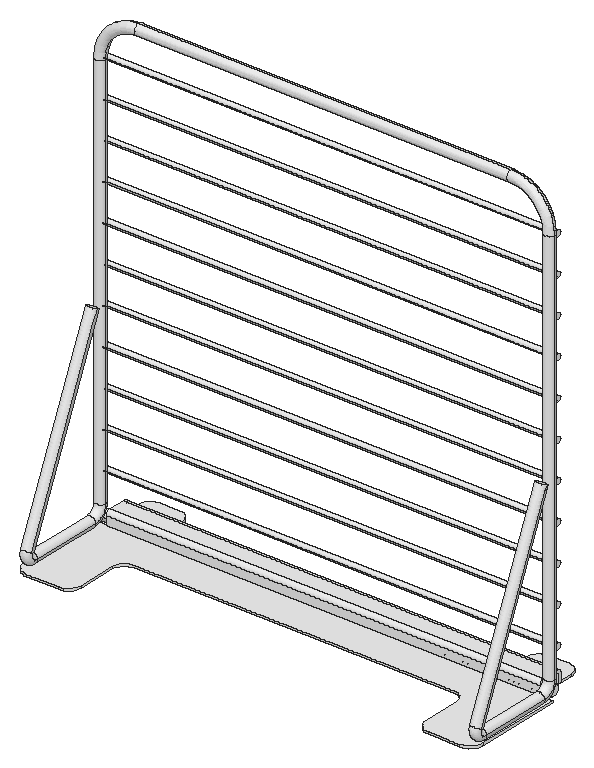
Revit family "PRD_FrankeWS_SnkMnlWtrSpplSts_SIRIUSBucketGrating_SIRX512", category Furniture, host Face, Revit 2018
Family settings
  Host = Face
  OmniClass Number = 23.45.05.14.99
  OmniClass Title = Other Sanitary Washing Plumbing Fixtures
  Cut with Voids When Loaded = No
  Shared = No
  Room Calculation Point = No
Parameters (values of type "SIRX512")
  WarrantyStartDate [instance] = "1900-12-31T23:59:59"
  WarrantyGuarantorParts = "n/a"
  WarrantyGuarantorLabor = "n/a"
  WarrantyDurationUnit = "year"
  WarrantyDurationParts = "n/a"
  WarrantyDurationLabor = "n/a"
  WarrantyDescription = "n/a"
  Version = "1"
  Uniclass2015Version = "Products v1.17"
  Uniclass2015Title = "Sink manual water supply sets"
  Uniclass2015Code = "Pr_40_20_87_82"
  URL = "www.kwc.com"
  TailorMade = "No"
  TagNumber [instance] = "n/a"
  SustainabilityPerformance = "n/a"
  Style = "n/a"
  Status = "New"
  Size = "360 x 118 x 362 mm (W x H x D)"
  Shape = "n/a"
  SerialNumber [instance] = "n/a"
  Revision = "n/a"
  ReplacementCost = "n/a"
  Reference = "n/a"
  QuantityUom = "Piece"
  Quantity = "1"
  ProductInformation = "https://pim.kwc.com/product/2000101201/attachment/datasheet?locale=en"
  ProductCode = "207.0611.708"
  NominalWidth = 360.00 mm
  NominalLength = 0.00 mm
  NominalHeight = 118.00 mm
  NominalDepth = 362.00 mm
  NetWeight = 2.17 kg
  Name = "SIRIUS Bucket grating SIRX512"
  NBSTypeID = "n/a"
  NBSReference = "45-35-70/345"
  NBSOfficeMasterTag = "n/a"
  NBSNote = "n/a"
  NBSDescription = "Water supply fittings for sinks"
  NBSCertification = "n/a"
  ModelReference = "SIRX512"
  ModelNumber = "2000101201"
  Model = ModelReference  # "SIRX512"
  Material = "Steel"
  ManufacturerURL = "www.kwc.com"
  ManufacturerName = "KWC Group AG"  # constant formula
  Manufacturer = ManufacturerName  # "KWC Group AG"
  MainMaterial = PRD_AR_Steel_NickelChromed
  MainColor = "stainless steel"
  IntegralAccessories = "fastening material incl."
  InstallationDate [instance] = "1900-12-31T23:59:59"
  IfcExportType = "USERDEFINED"
  IfcExportAs = "IfcSanitaryTerminalType"
  GrossWeight = 2.28 kg
  Grade = "n/a"
  Finish = "Nickel-chromed"
  Features = "nickel-chromium steel for wall mounting above disposal sink"
  ExpectedLife = "n/a"
  DurationUnit = "year"
  Description = "Bucket grating made of nickel-chromium steel for wall mounting above disposal sink made of MIRANIT, hinged, with tilt protection, fastening material included."
  Default Elevation = 1000.00 mm
  CreatedOn = "08/2021"  # constant formula
  Constituents = "n/a"
  Color = "n/a"
  CodePerformance = "n/a"
  Category = "Pr_40_20_87_82, Sink manual water supply sets"
  BarCode [instance] = "n/a"
  BIMObjectName = "PRD_AR_SinkManualWaterSupplySets_SIRIUSBucketGrating_SIRX512"
  Author = "Archispace"  # constant formula
  AssetType = "Fixed"
  AssetIdentifier [instance] = "n/a"
  AccessibilityPerformance = "n/a"
Reference planes
  plane 1 "Center (Front/Back)": y = 0
  plane 2: z = 0
  plane 3 "Center (Left/Right)": x = 0
Forms (mm)
  Sweep 1, solid, material "PRD_AR_Steel_NickelChromed" <- "MainMaterial", detail levels fine
    path origin (0, 0, 0) x (1, 0, 0) y (0, 0, -1)
      loop
        line (-176, -15.5) -> (-176, -327.5)
        arc (-176, -327.5) -> (-167.213, -348.713) -> (-146, -357.5) r 30
        line (-146, -357.5) -> (146, -357.5)
        arc (146, -357.5) -> (167.213, -348.713) -> (176, -327.5) r 30
        line (176, -327.5) -> (176, -15.5)
    profile origin (-176, 0, 171.5) x (1, 0, 0) y (0, 1, 0)
      loop
        circle (0, -4) r 4
  Sweep 2, solid, material "PRD_AR_Steel_NickelChromed" <- "MainMaterial", detail levels fine
    path origin (0, 0, 0) x (0, -1, 0) y (0, 0, -1)
      loop
        line (12.171, -155.577) -> (75.856, -12.539)
        arc (75.856, -12.539) -> (75.486, -7.779) -> (71.291, -5.5) r 5
        line (71.291, -5.5) -> (14, -5.5)
        arc (14, -5.5) -> (6.929, -8.429) -> (4, -15.5) r 10
    profile origin (0, -42.645, 5.5) x (0, 0, 1) y (1, 0, 0)
      loop
        circle (0, 176) r 4
      loop
        circle (0, -176) r 4
  Extrusion 3, solid, material "PRD_AR_Steel_NickelChromed" <- "MainMaterial", detail levels fine
    sketch origin (0, 0, 0) x (0, -1, 0) y (0, 0, -1)
      loop
        circle (0, -4.5) r 4
    from -176 to 176
  Extrusion 4, solid, material "PRD_AR_Steel_NickelChromed" <- "MainMaterial", detail levels fine
    sketch origin (0, 0, 0) x (0, -1, 0) y (0, 0, -1)
      loop
        circle (-2, -35.5) r 2
      loop
        circle (-2, -64.5) r 2
      loop
        circle (-2, -93.5) r 2
      loop
        circle (-2, -122.5) r 2
      loop
        circle (-2, -151.5) r 2
      loop
        circle (-2, -180.5) r 2
      loop
        circle (-2, -209.5) r 2
      loop
        circle (-2, -238.5) r 2
      loop
        circle (-2, -267.5) r 2
      loop
        circle (-2, -296.5) r 2
      loop
        circle (-2, -325.5) r 2
    from -178 to 178
  Extrusion 5, solid, material "PRD_AR_Steel_NickelChromed" <- "MainMaterial", detail levels fine
    sketch origin (0, 0, 0) x (1, 0, 0) y (0, 1, 0)
      loop
        arc (-135, -44) -> (-132.071, -36.929) -> (-125, -34) r 10
        line (-125, -34) -> (125, -34)
        arc (125, -34) -> (132.071, -36.929) -> (135, -44) r 10
        line (135, -44) -> (135, -74)
        arc (135, -74) -> (137.929, -81.071) -> (145, -84) r 10
        line (145, -84) -> (170, -84)
        arc (170, -84) -> (177.071, -81.071) -> (180, -74) r 10
        line (180, -74) -> (180, -5.5) -> (-180, -5.5) -> (-180, -74)
        arc (-180, -74) -> (-177.071, -81.071) -> (-170, -84) r 10
        line (-170, -84) -> (-145, -84)
        arc (-145, -84) -> (-137.929, -81.071) -> (-135, -74) r 10
        line (-135, -74) -> (-135, -44)
    from 0 to 1.5
  Extrusion 6, solid, material "PRD_AR_Steel_NickelChromed" <- "MainMaterial", detail levels fine
    sketch origin (0, 0, 0) x (0, -1, 0) y (0, 0, -1)
      loop
        line (-14.5, -1.406) -> (-14.5, -8.5)
        arc (-14.5, -8.5) -> (-13.621, -10.621) -> (-11.5, -11.5) r 3
        line (-11.5, -11.5) -> (2.5, -11.5)
        arc (2.5, -11.5) -> (4.621, -10.621) -> (5.5, -8.5) r 3
        line (5.5, -8.5) -> (5.5, 0) -> (4, 0) -> (4, -8.5)
        arc (4, -8.5) -> (3.561, -9.561) -> (2.5, -10) r 1.5
        line (2.5, -10) -> (-11.5, -10)
        arc (-11.5, -10) -> (-12.561, -9.561) -> (-13, -8.5) r 1.5
        line (-13, -8.5) -> (-13, -1.406) -> (-14.5, -1.406)
    from -170 to 170
  Extrusion 7, solid, material "PRD_AR_Steel_NickelChromed" <- "MainMaterial", detail levels fine
    sketch origin (0, 0, 0) x (1, 0, 0) y (0, 1, 0)
      loop
        line (-170, 14.5) -> (-135, 14.5) -> (-135, 24.4)
        arc (-135, 24.4) -> (-137.929, 31.471) -> (-145, 34.4) r 10
        line (-145, 34.4) -> (-160, 34.4)
        arc (-160, 34.4) -> (-167.071, 31.471) -> (-170, 24.4) r 10
        line (-170, 24.4) -> (-170, 14.5)
      loop
        line (170, 14.5) -> (170, 24.4)
        arc (170, 24.4) -> (167.071, 31.471) -> (160, 34.4) r 10
        line (160, 34.4) -> (145, 34.4)
        arc (145, 34.4) -> (137.929, 31.471) -> (135, 24.4) r 10
        line (135, 24.4) -> (135, 14.5) -> (170, 14.5)
    from 1.406 to 3
  Extrusion 8, solid, material "PRD_AR_Steel_NickelChromed" <- "MainMaterial", detail levels medium
    sketch origin (0, 0, 0) x (1, 0, 0) y (0, 1, 0)
      loop
        line (-180, -84) -> (180, -84) -> (180, 34.4) -> (-180, 34.4) -> (-180, -84)
    from 0 to 1.406
  Extrusion 9, solid, material "PRD_AR_Steel_NickelChromed" <- "MainMaterial", detail levels medium
    sketch origin (0, 0, 0) x (0, -1, 0) y (0, 0, -1)
      loop
        line (5.5, -11.5) -> (5.5, 0) -> (-14.5, 0) -> (-14.5, -11.5) -> (5.5, -11.5)
    from -170 to 170
  Extrusion 10, solid, material "PRD_AR_Steel_NickelChromed" <- "MainMaterial", detail levels medium
    sketch origin (0, 0, 0) x (0, -1, 0) y (0, 0, -1)
      loop
        line (0, -361.406) -> (8, -361.406) -> (8, -1.406) -> (0, -1.406) -> (0, -361.406)
    from -180 to 180
  Extrusion 11, solid, material "PRD_AR_Steel_NickelChromed" <- "MainMaterial", detail levels coarse
    sketch origin (0, 0, 0) x (1, 0, 0) y (0, 1, 0)
      loop
        line (-180, -84) -> (180, -84) -> (180, 34.4) -> (-180, 34.4) -> (-180, -84)
    from 0 to 361.406
Dimensions and locks
  aligned and locked: plane 2 to host face
  aligned and locked: level to host face
